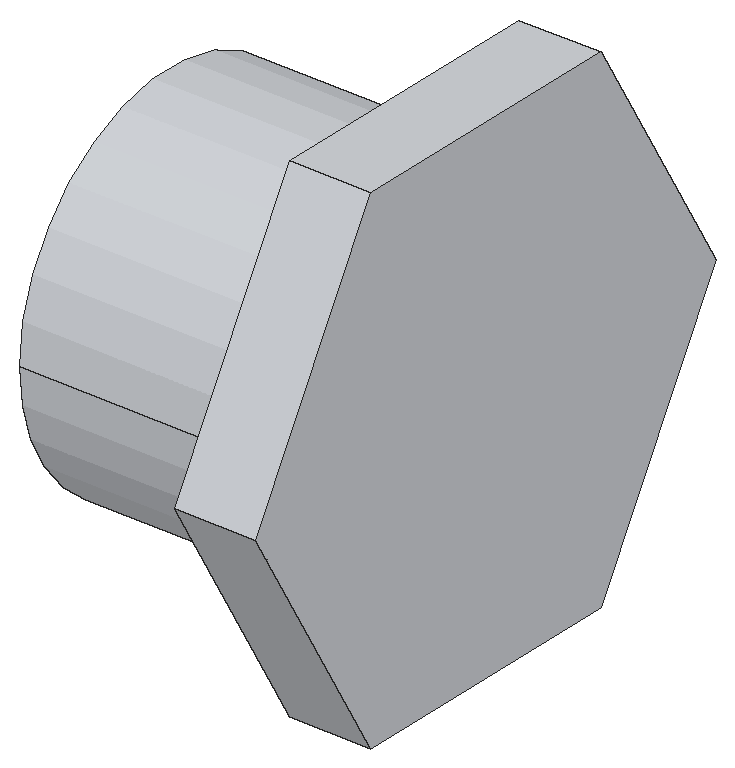
Revit family "Conector - Soldado x Rosqueado M - CU", category Conexões de tubo, Revit 2019
Family settings
  Cota do conector redondo = Usar raio
  Tipo de parte = Transição
  Com base no plano de trabalho = Não
  Sempre na vertical = Sim
  Corte com vazios quando carregada = Não
  Compartilhado = Não
Parameters (values of type "Padrão")
  Espessura da parede [instance] = size_lookup(Nome da tabela de pesquisa, "WThk", 0.01 * Diâmetro nominal 1 + 0.4 mm, Diâmetro nominal 1)  # 0.7 mm
  Tamanho da marca de revisão [instance] = Diâmetro externo da conexão * 0.4  # 11.2 mm
  Largura do soquete [instance] = size_lookup(Nome da tabela de pesquisa, "SWid", 0.37 * Diâmetro nominal 1 + 9.1 mm, Diâmetro nominal 1)  # 18.6 mm
  Raio 3 [instance] = Raio 2 * 1.2  # 22.68 mm
  Raio 2 [instance] = Raio externo da conexão * 1.35  # 18.9 mm
  Raio nominal 2 [instance] = 12.5 mm
  Diâmetro nominal 2 [instance] = Raio nominal 2 * 2  # 25 mm
  Nome da tabela de pesquisa = "BR_Connector - Soldered x Threaded M - CU"
  Comprimento 3 [instance] = Raio 3 * (1 - sin(60.00°))  # 3.039 mm
  Comprimento 2 [instance] = Raio 3 * cos(60.00°)  # 11.34 mm
  Comprimento 1 [instance] = 0.4 * Largura do soquete  # 7.44 mm
  Comprimento [instance] = size_lookup(Nome da tabela de pesquisa, "Lgt", 0.47 * Diâmetro nominal 1 + 13.1 mm, Diâmetro nominal 1)  # 25.04 mm
  Raio externo do soquete [instance] = Diâmetro externo do soquete / 2  # 14.7 mm
  Diâmetro externo do soquete [instance] = Diâmetro nominal 1 + 2 * Espessura da parede  # 29.4 mm
  Raio nominal 1 [instance] = 14 mm
  Diâmetro nominal 1 [instance] = Raio nominal 1 * 2  # 28 mm
  Método de perda = Coeficiente K da tabela
  Tabela de coeficiente K = "Transição de contração/alargamento"
  Raio externo da conexão [instance] = Diâmetro externo da conexão / 2  # 14 mm
  Diâmetro externo da conexão [instance] = Diâmetro nominal 1  # 28 mm
Reference planes
  plane 1 "Centro (frente/trás)": y = 0
  plane 2: z = 0
  plane 3 "Centro (direita/esquerda)": x = 0
  plane 4: x = 25.04
  plane 5: y = 14.7
  plane 6: y = -14.7
  plane 7: x = 18.6
  plane 8: y = 22.68
  plane 9: y = -22.68
  plane 10: z = 22.68
  plane 11: z = -22.68
  plane 12: z = 19.641
  plane 13: y = 11.34
  plane 14: y = -11.34
  plane 15: z = -19.641
Forms (mm)
  Sweep 1, solid, detail levels fine
    path origin (0, 0, 0) x (1, 0, 0) y (0, 1, 0)
      loop
        line (0, 0) -> (18.6, 0)
    profile origin (9.3, 0, 0) x (0, 1, 0) y (0, 0, 1)
      loop
        circle (0, 0) r 14.7
  Extrusion 2, solid, detail levels fine
    sketch origin (0, 0, 0) x (0, 1, 0) y (0, 0, 1)
      loop
        line (11.34, 19.641) -> (-11.34, 19.641) -> (-22.68, 0) -> (-11.34, -19.641) -> (11.34, -19.641) -> (22.68, 0) -> (11.34, 19.641)
    from 18.6 to 25.04
Cuts and joins
  joined: Sweep 1, Extrusion 2
Lines and regions (mm)
  model lines, detail levels coarse+medium
    curve 1: line (0, 0, 0) -> (25.04, 0, 0)
    curve 2: line (0, 0, 0) -> (0, 11.2, 0)
    curve 3: line (0, 0, 0) -> (0, -11.2, 0)
    curve 4: line (25.04, 0, 0) -> (25.04, 11.2, 0)
    curve 5: line (25.04, 0, 0) -> (25.04, -11.2, 0)
Dimensions and locks
  "Comprimento": plane 3 "Centro (direita/esquerda)" to plane 4
  "Raio externo do soquete": plane 5 to plane 1 "Centro (frente/trás)"
  equal spacing: plane 5, plane 1 "Centro (frente/trás)", plane 6
  "Largura do soquete": plane 3 "Centro (direita/esquerda)" to plane 7
  "Raio 3": plane 8 to plane 1 "Centro (frente/trás)"
  "Raio 3": plane 1 "Centro (frente/trás)" to plane 9
  "Raio 3": plane 10 to plane 2
  "Raio 3": plane 11 to plane 2
  "Comprimento 3": plane 10 to plane 12
  "Comprimento 2": plane 13 to plane 1 "Centro (frente/trás)"
  "Comprimento 2": plane 1 "Centro (frente/trás)" to plane 14
  "Comprimento 3": plane 11 to plane 15
  "Tamanho da marca de revisão": plane 1 "Centro (frente/trás)" to curve 2
  "Tamanho da marca de revisão": curve 3 to plane 1 "Centro (frente/trás)"
  "Tamanho da marca de revisão": plane 1 "Centro (frente/trás)" to curve 4
  "Tamanho da marca de revisão": curve 5 to plane 1 "Centro (frente/trás)"
  "Raio externo do soquete": radius of Sweep 1 sketch curve
  aligned and locked: plane 3 "Centro (direita/esquerda)" to Sweep 1 sketch curve
  aligned and locked: Extrusion 2 sketch curve to plane 12
  aligned and locked: plane 13 to Extrusion 2 sketch curve  (x2)
  aligned and locked: plane 14 to Extrusion 2 sketch curve  (x2)
  aligned and locked: Extrusion 2 sketch curve to plane 15
  aligned and locked: plane 15 to Extrusion 2 sketch curve
  aligned and locked: plane 8 to Extrusion 2 sketch curve
  aligned and locked: plane 2 to Extrusion 2 sketch curve  (x2)
  aligned and locked: plane 12 to Extrusion 2 sketch curve
  aligned and locked: plane 9 to Extrusion 2 sketch curve
  aligned and locked: plane 4 to Extrusion 2
  aligned and locked: plane 1 "Centro (frente/trás)" to curve 1
  aligned and locked: plane 3 "Centro (direita/esquerda)" to curve 2
  aligned and locked: plane 3 "Centro (direita/esquerda)" to curve 3
  aligned and locked: curve 5 to plane 4
  aligned and locked: cut or joined group of Sweep 1, Extrusion 2 to plane 7
Automatic sketch dimensions
  plane 1 "Centro (frente/trás)" to Sweep 1 sketch curve = 0 mm
  Sweep 1 sketch curve to plane 7 = 0 mm
  Sweep 1 sketch curve to level = 0 mm
  Sweep 1 sketch curve to profile plane = 0 mm
Connectors
  piping at (0, 0, 0), diameter 28, driven by "Raio nominal 1"
    settings: on Sweep 1, index 1, connector inside diameter 28 mm, connector length 0 mm, flow factor 0, pipe flow 0.0 L/s, pressure drop 0.0 Pa, fitting loss kfactor 0, connector angle 0.00°, fixture units 0, engagement length 0 mm, angle of deflection 0.00°, flow configuration 0, flow direction 0, fitting loss method 0, system type 28, joint type 0, gender type 0, connector reference index 2, connector utility 0, adjustable connector no, is connector primary yes, connector description ""
  piping at (25.04, 0, 0), diameter 25, driven by "Raio nominal 2"
    settings: on Extrusion 2, index 2, connector inside diameter 25 mm, connector length 0 mm, flow factor 0, pipe flow 0.0 L/s, pressure drop 0.0 Pa, fitting loss kfactor 0, connector angle 0.00°, fixture units 0, engagement length 0 mm, angle of deflection 0.00°, flow configuration 0, flow direction 0, fitting loss method 0, system type 28, joint type 0, gender type 0, connector reference index 1, connector utility 0, adjustable connector no, is connector primary no, connector description ""
